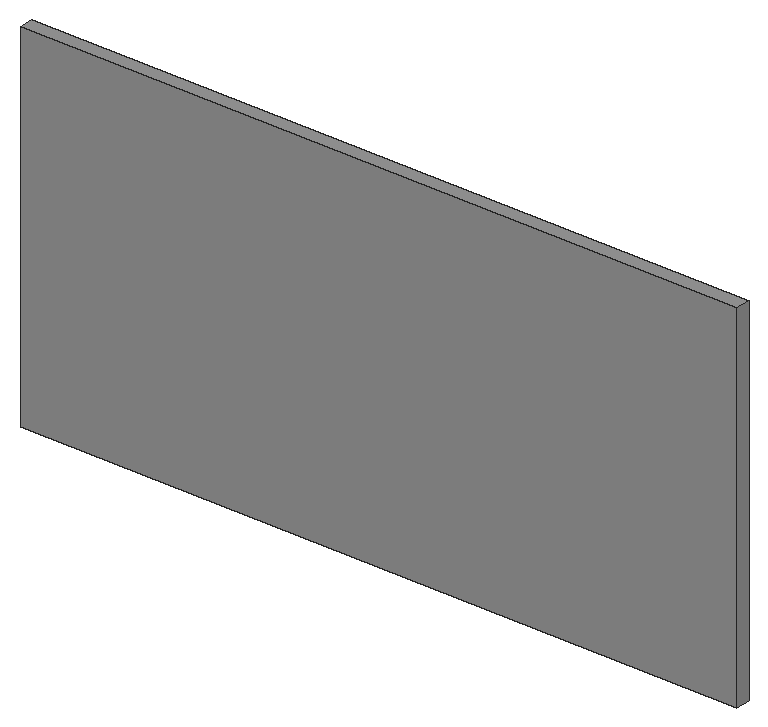
Revit family "Sound-Silencer-Ceiling-Baffles", category Generic Models, Revit 2023
Family settings
  Can host rebar = No
  Round Connector Dimension = Use Diameter
  Part Type = Normal
  Work Plane-Based = No
  Always vertical = Yes
  Cut with Voids When Loaded = No
  Maintain Annotation Orientation = No
  Shared = No
  Room Calculation Point = No
Parameters (values of type "24 x 48 - 1 INCH - Charcoal")
  ‍      1. Thickness 1" = Thickness Options = 1  # yes
  URL = "https://www.acousticalsurfaces.com/sound-silencer/baffle/"
  Thickness Options = 1
  T = if(Thickness Options = 0, 0' 0 1/2", 0' 0") + if(Thickness Options = 1, 0' 1", 0' 0") + if(Thickness Options = 2, 0' 2", 0' 0")  # 0' - 1"
  Material = "Sound Silencer"
  Manufacturer = "Acoustical Surfaces, Inc."
  Finish = Sound Silencer - Charcoal
  Width = 2' - 0"
  Length = 4' - 0"
  ‍      2. Thickness 2" = Thickness Options = 2  # no
  Default Elevation = 0' - 0"
  B = Width / 2  # 1' - 0"
Types (4): name | ‍      1. Thickness 1" | Thickness Options | T | Finish | ‍      2. Thickness 2"
  24 x 48 - 1 INCH - Charcoal | yes | 1 | 0' - 1" | Sound Silencer - Charcoal | no
  24 x 48 - 1 INCH - White | yes | 1 | 0' - 1" | Sound Silencer - White | no
  24 x 48 - 2 INCH - Charcoal | no | 2 | 0' - 2" | Sound Silencer - Charcoal | yes
  24 x 48 - 2 INCH - White | no | 2 | 0' - 2" | Sound Silencer - White | yes
Reference planes (in)
  plane 1 "Center (Front/Back)": y = 0
  plane 2: z = 0
  plane 3 "Center (Left/Right)": x = 0
Dimensions and locks (in)
  "B": nested 1 to level
  aligned and locked: level to plane 2
Nested families (in)
  nested 1: "Square" at (0, 0, 12) x (-1, 0, 0) z (0, -1, 0), type "Square"
    with A 4' - 0"
Definition of nested family "Square"
  Parameters (values of type "Square")
    Thickness = 0' - 1"
    Material = none
    Default Elevation = 4' - 0"
    B = 2' - 0"
    A = 8' - 0"
  Reference planes (in)
    plane 1 "Center (Front/Back)": y = 0
    plane 2: z = 0
    plane 3 "Center (Left/Right)": x = 0
    plane 4: x = -48
    plane 5: x = 48
    plane 6: y = 12
    plane 7: y = -12
    plane 8: z = 1
  Forms (in)
    Extrusion 1, solid, material <- "Material"
      sketch origin (0, 0, 0) x (1, 0, 0) y (0, 1, 0)
        loop
          line (48, 12) -> (-48, 12) -> (-48, -12) -> (48, -12) -> (48, 12)
      from 0 to 1
  Dimensions and locks (in)
    equal spacing: plane 4, plane 3 "Center (Left/Right)", plane 5
    equal spacing: plane 7, plane 1 "Center (Front/Back)", plane 6
    "B": plane 7 to plane 6
    "A": plane 4 to plane 5
    "Thickness": plane 8 to level
    aligned and locked: level to plane 2
    aligned and locked: Extrusion 1 sketch curve to plane 4
    aligned and locked: plane 5 to Extrusion 1 sketch curve
    aligned and locked: Extrusion 1 sketch curve to plane 6
    aligned and locked: Extrusion 1 sketch curve to plane 7
    aligned and locked: Extrusion 1 to plane 8
